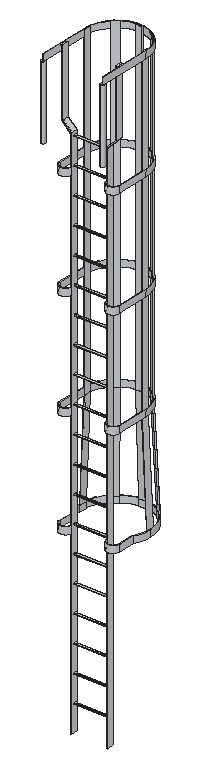
Revit family
Parameters (values of type "Standard")
  Guardrail Height = 900 mm
  Vertical Bar Center 1 = Bottom Hoop Radius - Hoop Width / 2  # 386 mm
  Vertical Bar Center = Hoop Radius - Hoop Width / 2  # 336 mm
  Vertical Bar Thickness = Hoop Width  # 8 mm
  Vertical Bar Width = 75 mm
  Rung Length [instance] = 400 mm
  Number of Cages [instance] = (Height + Guardrail Height - Bottom Hoop Height - 2 * Hoop Space) / Hoop Space + 1  # 3
  Hoop Width = 8 mm
  Hoop Thickness = 75 mm
  Hoop Radius = 340 mm
  Rung Radius = 10 mm
  Number of Rungs [instance] = Height / Rung Space  # 20
  Side Rail Width = 75 mm
  Side Rail Thickness = 10 mm
  Hook Radius [instance] = (Hoop Radius - 0.5 * Rung Length + 0.5 * Hoop Width - Hoop Width) / 2  # 68 mm
  Height [instance] = 6100 mm
  Rung Space [instance] = 305 mm
  Hoop Space [instance] = 1210 mm
  Distance [instance] = 180 mm
  Center Distance = 380 mm
  Bottom Hoop Radius = 390 mm
  Bottom Hoop Height = 2130 mm
Reference planes
  plane 1: y = 0
  plane 2 "Center (Left/Right)": x = 0
  plane 3 "Wall Edge": y = 88.9
  plane 4: z = 900
  plane 5: y = 268.9
  plane 6: z = -310
  plane 7: z = 31.75
  plane 8: x = 311.6
  plane 9: x = 301.6
  plane 10: x = 200
  plane 11: z = 133.35
  plane 12: y = 306.4
  plane 13: y = 231.4
  plane 14: x = -311.6
  plane 15: x = -200
  plane 16: x = -301.6
  plane 17 "Bottom": z = -6100
  plane 18: z = -305
  plane 19 "Cage Center": y = 611.4
  plane 20: z = 825
  plane 21: z = -385
  plane 22: x = -340
  plane 23: x = 340
  plane 24: z = -3970
  plane 25: z = -4045
  plane 26: z = -2760
  plane 27: z = -2835
  plane 28: z = 0
  plane 29: x = 210
  plane 30: x = -210
Forms (mm)
  Sweep 1, solid
    path origin (0, 0, 0) x (0, 1, 0) y (0, 0, 1)
      loop
        line (-25.4, 0) -> (-25.4, 825)
    profile origin (0, -25.4, 412.5) x (0, -1, 0) y (1, 0, 0)
      loop
        circle (-25.4, -340) r 25.4
  Sweep 2, solid
    path origin (0, 0, 0) x (0, 1, 0) y (0, 0, 1)
      loop
        line (-25.4, 0) -> (-25.4, 825)
    profile origin (0, -25.4, 412.5) x (0, -1, 0) y (1, 0, 0)
      loop
        circle (-25.4, 340) r 25.4
  Sweep 3, solid
    path origin (0, 0, 0) x (1, 0, 0) y (0, 1, 0)
      loop
        line (270.917, 231.4) -> (270.917, 306.4)
    profile origin (270.917, 268.9, 0) x (-1, 0, 0) y (0, 0, 1)
      loop
        line (-69.083, 900) -> (-69.083, 890) -> (-40.683, 890) -> (-40.683, 133.35) -> (60.917, 31.75) -> (60.917, -6100) -> (70.917, -6100) -> (70.917, 35.892) -> (-30.683, 137.492) -> (-30.683, 900) -> (-69.083, 900)
  Sweep 4, solid
    path origin (0, 0, 0) x (1, 0, 0) y (0, 1, 0)
      loop
        line (-514.625, 231.4) -> (-514.625, 306.4)
    profile origin (-514.625, 268.9, 0) x (-1, 0, 0) y (0, 0, 1)
      loop
        line (-203.025, 133.35) -> (-203.025, 890) -> (-174.625, 890) -> (-174.625, 900) -> (-213.025, 900) -> (-213.025, 137.492) -> (-314.625, 35.892) -> (-314.625, -6100) -> (-304.625, -6100) -> (-304.625, 31.75) -> (-203.025, 133.35)
  Sweep 5, solid
    path origin (0, 0, 0) x (1, 0, 0) y (0, 1, 0)
      loop
        line (-340, 0) -> (-340, 611.4)
        arc (-340, 611.4) -> (0, 951.4) -> (340, 611.4) r 340
        line (340, 611.4) -> (340, 0)
    profile origin (0, 951.4, 0) x (0, 1, 0) y (0, 0, 1)
      loop
        line (4.031, 900) -> (-3.969, 900) -> (-3.969, 825) -> (4.031, 825) -> (4.031, 900)
  Sweep 6, solid
    path origin (0, 0, 0) x (1, 0, 0) y (0, 1, 0)
      loop
        arc (204, 231.4) -> (272, 163.4) -> (340, 231.4) r 68
        line (340, 231.4) -> (340, 420.35)
        arc (340, 420.35) -> (377.293, 512.658) -> (390, 611.4) r 390
        arc (390, 611.4) -> (0, 1001.4) -> (-390, 611.4) r 390
        arc (-390, 611.4) -> (-377.293, 512.658) -> (-340, 420.35) r 390
        line (-340, 420.35) -> (-340, 231.4)
        arc (-340, 231.4) -> (-272, 163.4) -> (-204, 231.4) r 68
    profile origin (0, 1001.4, 0) x (0, -1, 0) y (0, 0, 1)
      loop
        line (-4.031, -3970) -> (-4.031, -4045) -> (3.969, -4045) -> (3.969, -3970) -> (-4.031, -3970)
  Sweep 7, solid
    path origin (0, 611.4, 1656.358) x (0, 0, 1) y (-1, 0, 0)
      loop
        line (-756.358, -336) -> (-4491.358, -336) -> (-5626.358, -386) -> (-5701.358, -386)
    profile origin (336, 611.4, -967.5) x (0, -1, 0) y (1, 0, 0)
      loop
        line (-37.5, -9.969) -> (37.5, -9.969) -> (37.5, 0.031) -> (-37.5, 0.031) -> (-37.5, -9.969)
  Sweep 8, solid
    path origin (0, 611.4, 1656.358) x (0, 0, 1) y (-1, 0, 0)
      loop
        line (-756.358, 336) -> (-4491.358, 336) -> (-5626.358, 386) -> (-5701.358, 386)
    profile origin (-336, 611.4, -967.5) x (0, -1, 0) y (1, 0, 0)
      loop
        line (-37.5, 0) -> (37.5, 0) -> (37.5, 8) -> (-37.5, 8) -> (-37.5, 0)
  Sweep 9, solid
    path origin (0, 0, 0) x (0, 1, 0) y (0, 0, 1)
      loop
        line (947.4, 900) -> (947.4, -2835) -> (997.4, -3970) -> (997.4, -4045)
    profile origin (0, 947.4, -967.5) x (1, 0, 0) y (0, 1, 0)
      loop
        line (-37.5, 0) -> (-37.5, -8) -> (37.5, -8) -> (37.5, 0) -> (-37.5, 0)
  Sweep 10, solid
    path origin (0, 611.4, 0) x (-0.642853, 0.76599, 0) y (0, 0, 1)
      loop
        line (336, 900) -> (336, -2835) -> (386, -3970) -> (386, -4045)
    profile origin (-215.998, 868.773, -967.5) x (0.76599, 0.642853, 0) y (-0.642853, 0.76599, 0)
      loop
        line (37.5, 0) -> (-37.5, 0) -> (-37.5, -8) -> (37.5, -8) -> (37.5, 0)
  Sweep 11, solid
    path origin (0, 611.4, 0) x (0.642788, 0.766044, 0) y (0, 0, 1)
      loop
        line (336, 900) -> (336, -2835) -> (386, -3970) -> (386, -4045)
    profile origin (215.977, 868.791, -967.5) x (0.766044, -0.642788, 0) y (0.642788, 0.766044, 0)
      loop
        line (-37.5, -8) -> (37.5, -8) -> (37.5, 0) -> (-37.5, 0) -> (-37.5, -8)
Cuts and joins
  joined: Sweep 1, Sweep 2, Sweep 3, Sweep 4, Sweep 5
Lines and regions (mm)
  reference lines
    curve 1: line (0, 611.4, 0) -> (289.801, 956.771, 0)
    curve 2: line (0, 611.4, 0) -> (-289.83, 956.747, 0)
    curve 3: line (210, 611.4, 31.75) -> (311.6, 611.4, 133.35)
    curve 4: line (-210, 611.4, 31.75) -> (-311.6, 611.4, 133.35)
Text (mm)
  text "Placement Side" at (0, 1019.848, 3124.603), in view "Right"
  text "Placement Side" at (-1856.22, 1040.952, 0), in view "Ref. Level"
  text "Placement Side" at (0, 2618.14, 1979.445), in view "Left"
Dimensions and locks
  locked: plane 3 "Wall Edge" to host wall
  "Side Rail Thickness": plane 9 to plane 8
  locked: level to plane 7 at 31.75
  locked: plane 10 to plane 9 at 101.6
  locked: plane 7 to plane 11 at 101.6
  locked: plane 16 to plane 15 at 101.6
  "Side Rail Thickness": plane 14 to plane 16
  "Rung Space": plane 18 to level
  equal spacing: group 20, group 19, group 18, group 17, group 16, group 15, group 14, group 13, group 12, group 11, group 10, group 9, group 8, group 7, group 6, group 5, group 4, group 3, group 2, group 1  (x2)
  equal spacing: group 1, group 2, group 3, group 4, group 5, group 6, group 7, group 8, group 9, group 10, group 11, group 12, group 13, group 14, group 15, group 16, group 17, group 18, group 19, group 20
  "Hoop Space": plane 6 to plane 4
  "Hoop Radius": plane 22 to plane 2 "Center (Left/Right)"
  "Hoop Radius": plane 2 "Center (Left/Right)" to plane 23
  "Bottom Hoop Height": plane 17 "Bottom" to plane 24
  "Hoop Space": plane 24 to plane 26
  "Hoop Thickness": plane 27 to plane 26
  Sweep 5 sketch curve to Sweep 5 sketch curve = 8 mm
  "Hoop Width": Sweep 5 sketch curve to Sweep 5 sketch curve
  Sweep 6 sketch curve to Sweep 6 sketch curve = 8 mm
  "Hoop Width": Sweep 6 sketch curve to Sweep 6 sketch curve
  equal spacing: plane 15, plane 2 "Center (Left/Right)", plane 10
  "Rung Length": plane 15 to plane 10
  "Vertical Bar Center": Sweep 7 sketch curve to plane 2 "Center (Left/Right)"
  "Vertical Bar Center 1": Sweep 7 sketch curve to plane 2 "Center (Left/Right)"
  equal spacing: Sweep 7 sketch curve, plane 19 "Cage Center", Sweep 7 sketch curve
  "Vertical Bar Width": Sweep 7 sketch curve to Sweep 7 sketch curve
  "Side Rail Thickness": Sweep 7 sketch curve to Sweep 7 sketch curve
  "Vertical Bar Center": plane 2 "Center (Left/Right)" to Sweep 8 sketch curve
  "Vertical Bar Center 1": plane 2 "Center (Left/Right)" to Sweep 8 sketch curve
  equal spacing: Sweep 8 sketch curve, nested 9, Sweep 8 sketch curve
  "Vertical Bar Width": Sweep 8 sketch curve to Sweep 8 sketch curve
  "Vertical Bar Thickness": Sweep 8 sketch curve to Sweep 8 sketch curve
  "Vertical Bar Center 1": Sweep 9 sketch curve to plane 19 "Cage Center"
  "Vertical Bar Center": Sweep 9 sketch curve to plane 19 "Cage Center"
  equal spacing: Sweep 9 sketch curve, plane 2 "Center (Left/Right)", Sweep 9 sketch curve
  "Vertical Bar Width": Sweep 9 sketch curve to Sweep 9 sketch curve
  "Vertical Bar Thickness": Sweep 9 sketch curve to Sweep 9 sketch curve
  "Vertical Bar Center": Sweep 10 sketch curve to curve 2
  "Vertical Bar Center 1": Sweep 10 sketch curve to curve 2
  equal spacing: Sweep 10 sketch curve, curve 2, Sweep 10 sketch curve
  "Vertical Bar Width": Sweep 10 sketch curve to Sweep 10 sketch curve
  "Vertical Bar Thickness": Sweep 10 sketch curve to Sweep 10 sketch curve
  "Vertical Bar Center": curve 2 to Sweep 11 sketch curve
  "Vertical Bar Center 1": curve 2 to Sweep 11 sketch curve
  equal spacing: Sweep 11 sketch curve, curve 1, Sweep 11 sketch curve
  "Vertical Bar Width": Sweep 11 sketch curve to Sweep 11 sketch curve
  "Vertical Bar Thickness": Sweep 11 sketch curve to Sweep 11 sketch curve
  "Side Rail Width": plane 12 to plane 13
  equal spacing: plane 12, plane 5, plane 13
  "Center Distance": plane 19 "Cage Center" to plane 13
  "Hoop Thickness": plane 20 to plane 4
  "Side Rail Thickness": Sweep 3 sketch curve to Sweep 3 sketch curve  (x2)
  "Side Rail Thickness": Sweep 4 sketch curve to Sweep 4 sketch curve  (x2)
  "Hoop Thickness": plane 21 to plane 6
  "Distance": plane 3 "Wall Edge" to plane 5
  "Hoop Thickness": plane 25 to plane 24
  "Height": plane 17 "Bottom" to plane 28
  "Guardrail Height": level to plane 4
  equal spacing: group 21, group 23, group 22  (x2)
  equal spacing: group 22, group 23, group 21
  cut or joined group of Sweep 1, Sweep 2, Sweep 3, Sweep 4, Sweep 5 to cut or joined group of Sweep 1, Sweep 2, Sweep 3, Sweep 4, Sweep 5 = 10 mm
  "Side Rail Thickness": plane 10 to plane 29
  "Side Rail Thickness": plane 15 to plane 30
  radius of Sweep 1 sketch curve = 25.4 mm
  radius of Sweep 2 sketch curve = 25.4 mm
  "Hoop Radius": radius of Sweep 5 sketch curve
  "Bottom Hoop Radius": radius of Sweep 6 sketch curve
  "Hook Radius": radius of Sweep 6 sketch curve  (x2)
  locked: curve 1 to plane 2 "Center (Left/Right)" (angle 40.00°)
  locked: plane 2 "Center (Left/Right)" to curve 2 (angle 40.0049°)
  aligned and locked: level to Sweep 1 sketch curve
  aligned and locked: level to Sweep 2 sketch curve
  aligned and locked: plane 12 to Sweep 3 sketch curve
  aligned and locked: plane 13 to Sweep 3 sketch curve
  aligned and locked: plane 12 to Sweep 4 sketch curve
  aligned and locked: plane 13 to Sweep 4 sketch curve
  aligned and locked: plane 4 to Sweep 4 sketch curve
  aligned and locked: Sweep 4 sketch curve to plane 16
  aligned and locked: plane 14 to Sweep 4 sketch curve
  aligned and locked: Sweep 3 sketch curve to plane 4
  aligned and locked: plane 8 to Sweep 3 sketch curve
  aligned and locked: Sweep 3 sketch curve to plane 9
  aligned and locked: plane 11 to Sweep 3 sketch curve
  aligned and locked: nested 1 to plane 10
  aligned and locked: plane 5 to nested 1
  aligned and locked: level to nested 1
  aligned and locked: plane 5 to nested 2
  aligned and locked: plane 18 to nested 2
  aligned and locked: Sweep 5 sketch curve to plane 4
  aligned and locked: plane 20 to Sweep 5 sketch curve
  aligned and locked: plane 20 to Sweep 1 sketch curve
  aligned and locked: plane 20 to Sweep 2 sketch curve
  aligned and locked: plane 19 "Cage Center" to Sweep 5 sketch curve  (x3)
  aligned and locked: plane 2 "Center (Left/Right)" to Sweep 6 sketch curve  (x3)
  aligned and locked: plane 19 "Cage Center" to Sweep 6 sketch curve  (x5)
  aligned and locked: plane 22 to Sweep 6 sketch curve
  aligned and locked: plane 13 to Sweep 6 sketch curve  (x4)
  aligned and locked: Sweep 6 sketch curve to plane 23
  aligned and locked: Sweep 6 sketch curve to plane 24
  aligned and locked: plane 25 to Sweep 6 sketch curve
  aligned and locked: plane 6 to nested 9
  aligned and locked: plane 2 "Center (Left/Right)" to nested 9
  aligned and locked: plane 1 to Sweep 2 sketch curve
  aligned and locked: plane 1 to Sweep 1 sketch curve
  aligned and locked: plane 13 to nested 9  (x3)
  aligned and locked: nested 9 to plane 13  (x3)
  aligned and locked: Sweep 5 sketch curve to plane 23
  aligned and locked: Sweep 4 sketch curve to plane 15
  aligned and locked: Sweep 4 sketch curve to plane 17 "Bottom"
  aligned and locked: plane 17 "Bottom" to Sweep 3 sketch curve
  aligned and locked: Sweep 3 sketch curve to plane 17 "Bottom"
  aligned and locked: plane 22 to Sweep 1 sketch curve
  aligned and locked: plane 23 to Sweep 2 sketch curve
  aligned and locked: plane 27 to Sweep 7 sketch curve
  aligned and locked: plane 24 to Sweep 7 sketch curve
  aligned and locked: plane 25 to Sweep 7 sketch curve
  aligned and locked: plane 4 to Sweep 7 sketch curve
  aligned and locked: Sweep 7 sketch curve to Sweep 5
  aligned and locked: plane 24 to Sweep 8 sketch curve
  aligned and locked: plane 25 to Sweep 8 sketch curve
  aligned and locked: plane 4 to Sweep 8 sketch curve
  aligned and locked: plane 27 to Sweep 8 sketch curve
  aligned and locked: Sweep 8 sketch curve to profile plane
  aligned and locked: plane 27 to Sweep 9 sketch curve
  aligned and locked: plane 4 to Sweep 9 sketch curve
  aligned and locked: plane 24 to Sweep 9 sketch curve
  aligned and locked: plane 25 to Sweep 9 sketch curve
  aligned and locked: profile plane to Sweep 9 sketch curve
  aligned and locked: plane 4 to Sweep 10 sketch curve
  aligned and locked: plane 27 to Sweep 10 sketch curve
  aligned and locked: plane 25 to Sweep 10 sketch curve
  aligned and locked: plane 24 to Sweep 10 sketch curve
  aligned and locked: profile plane to Sweep 10 sketch curve
  aligned and locked: plane 25 to Sweep 11 sketch curve
  aligned and locked: plane 24 to Sweep 11 sketch curve
  aligned and locked: plane 27 to Sweep 11 sketch curve
  aligned and locked: plane 4 to Sweep 11 sketch curve
  aligned and locked: profile plane to Sweep 11 sketch curve
  aligned and locked: plane 19 "Cage Center" to curve 1
  aligned and locked: plane 2 "Center (Left/Right)" to curve 1
  aligned and locked: Sweep 3 sketch curve to plane 23
  aligned and locked: plane 22 to Sweep 4 sketch curve
  aligned and locked: level to plane 28
  aligned and locked: plane 26 to nested 22
  aligned and locked: plane 27 to nested 22
  aligned and locked: plane 2 "Center (Left/Right)" to nested 22
  aligned and locked: plane 13 to nested 22
  aligned and locked: nested 22 to plane 13
  aligned and locked: plane 19 "Cage Center" to nested 22
  aligned and locked: plane 8 to curve 3
  aligned and locked: plane 11 to curve 3
  aligned and locked: plane 7 to curve 3
  aligned and locked: plane 29 to curve 3
  aligned and locked: Sweep 3 sketch curve to curve 3
  aligned and locked: plane 29 to Sweep 3 sketch curve
  aligned and locked: Sweep 3 sketch curve to plane 10
  aligned and locked: plane 30 to curve 4
  aligned and locked: plane 7 to curve 4
  aligned and locked: plane 11 to curve 4
  aligned and locked: plane 14 to curve 4
  aligned and locked: Sweep 4 sketch curve to curve 4
  aligned and locked: plane 30 to Sweep 4 sketch curve
Automatic sketch dimensions
  plane 9 to Sweep 3 sketch curve = 30.683 mm
  Sweep 5 sketch curve to plane 1 = 0 mm  (x2)
  Sweep 4 sketch curve to plane 22 = 174.625 mm
  plane 1 to Sweep 1 sketch curve = 25.4 mm
  plane 1 to Sweep 2 sketch curve = 25.4 mm
Nested families
  nested 1: "Rung" at (0, 268.9, 0), type "Rung"
    with Rung Radius 10 mm, Rung Length 400 mm
  nested 2: "Rung" at (0, 268.9, -305), type "Rung"
    with Rung Radius 10 mm, Rung Length 400 mm
  nested 3: "Rung" at (0, 268.9, -610), type "Rung"
    with Rung Radius 10 mm, Rung Length 400 mm
  nested 4: "Rung" at (0, 268.9, -915), type "Rung"
    with Rung Radius 10 mm, Rung Length 400 mm
  nested 5: "Rung" at (0, 268.9, -1220), type "Rung"
    with Rung Radius 10 mm, Rung Length 400 mm
  nested 6: "Rung" at (0, 268.9, -1525), type "Rung"
    with Rung Radius 10 mm, Rung Length 400 mm
  nested 7: "Rung" at (0, 268.9, -1830), type "Rung"
    with Rung Radius 10 mm, Rung Length 400 mm
  nested 8: "Rung" at (0, 268.9, -2135), type "Rung"
    with Rung Radius 10 mm, Rung Length 400 mm
  nested 9: "Hoop" at (0, 611.4, -310), type "Hoop"
    with Hoop Radius 340 mm, Hook Radius 68 mm, Line Distance 380 mm, Hoop Width 8 mm, Hoop Thickness 75 mm
  nested 10: "Rung" at (0, 268.9, -2440), type "Rung"
    with Rung Radius 10 mm, Rung Length 400 mm
  nested 11: "Rung" at (0, 268.9, -2745), type "Rung"
    with Rung Radius 10 mm, Rung Length 400 mm
  nested 12: "Rung" at (0, 268.9, -3050), type "Rung"
    with Rung Radius 10 mm, Rung Length 400 mm
  nested 13: "Rung" at (0, 268.9, -3355), type "Rung"
    with Rung Radius 10 mm, Rung Length 400 mm
  nested 14: "Rung" at (0, 268.9, -3660), type "Rung"
    with Rung Radius 10 mm, Rung Length 400 mm
  nested 15: "Rung" at (0, 268.9, -3965), type "Rung"
    with Rung Radius 10 mm, Rung Length 400 mm
  nested 16: "Rung" at (0, 268.9, -4270), type "Rung"
    with Rung Radius 10 mm, Rung Length 400 mm
  nested 17: "Rung" at (0, 268.9, -4575), type "Rung"
    with Rung Radius 10 mm, Rung Length 400 mm
  nested 18: "Rung" at (0, 268.9, -4880), type "Rung"
    with Rung Radius 10 mm, Rung Length 400 mm
  nested 19: "Rung" at (0, 268.9, -5185), type "Rung"
    with Rung Radius 10 mm, Rung Length 400 mm
  nested 20: "Rung" at (0, 268.9, -5490), type "Rung"
    with Rung Radius 10 mm, Rung Length 400 mm
  nested 21: "Rung" at (0, 268.9, -5795), type "Rung"
    with Rung Radius 10 mm, Rung Length 400 mm
  nested 22: "Hoop" at (0, 611.4, -2760), type "Hoop"
    with Hoop Radius 340 mm, Hook Radius 68 mm, Line Distance 380 mm, Hoop Width 8 mm, Hoop Thickness 75 mm
  nested 23: "Hoop" at (0, 611.4, -1535), type "Hoop"
    with Hoop Radius 340 mm, Hook Radius 68 mm, Line Distance 380 mm, Hoop Width 8 mm, Hoop Thickness 75 mm
Definition of nested family "Rung"
  Parameters (values of type "Rung")
    Rung Radius = 9.525 mm
    Rung Length = 406.4 mm
    Cage Ladder = none
    Assembly Code = ""
  Reference planes
    plane 1 "Center (Front/Back)": y = 0
    plane 2: z = 0
    plane 3 "Center (Left/Right)": x = 0
    plane 4: x = 203.2
    plane 5: x = -203.2
  Forms (mm)
    Extrusion 1, solid, material <- "Cage Ladder"
      sketch origin (0, 0, 0) x (0, 1, 0) y (0, 0, 1)
        loop
          circle (0, 0) r 9.525
      from -203.2 to 203.2
  Dimensions and locks
    equal spacing: plane 5, plane 3 "Center (Left/Right)", plane 4
    "Rung Length": plane 5 to plane 4
    "Rung Radius": radius of Extrusion 1 sketch curve
    aligned and locked: plane 1 "Center (Front/Back)" to Extrusion 1 sketch curve
    aligned and locked: plane 2 to Extrusion 1 sketch curve
    aligned and locked: plane 4 to Extrusion 1
    aligned and locked: Extrusion 1 to plane 5
Definition of nested family "Hoop"
  Parameters (values of type "Hoop")
    Hoop Radius = 342.9 mm
    Hook Radius = 67.866 mm
    Line Distance = 381 mm
    Hoop Width = 7.938 mm
    Hoop Thickness = 76.2 mm
    Assembly Code = ""
  Reference planes
    plane 1 "Center (Front/Back)": y = 0
    plane 2: z = 0
    plane 3 "Center (Left/Right)": x = 0
    plane 4: y = -381
  Forms (mm)
    Sweep 1, solid
      path origin (0, 3.954, 0) x (1, 0, 0) y (0, 1, 0)
        loop
          arc (207.169, -384.954) -> (275.034, -452.819) -> (342.9, -384.954) r 67.866
          line (342.9, -384.954) -> (342.9, -3.954)
          arc (342.9, -3.954) -> (0, 338.946) -> (-342.9, -3.954) r 342.9
          line (-342.9, -3.954) -> (-342.9, -384.954)
          arc (-342.9, -384.954) -> (-275.034, -452.819) -> (-207.169, -384.954) r 67.866
      profile origin (0, 342.9, 0) x (0, -1, 0) y (0, 0, 1)
        loop
          line (-3.969, 0) -> (-3.969, -76.2) -> (3.969, -76.2) -> (3.969, 0) -> (-3.969, 0)
  Dimensions and locks
    "Line Distance": plane 4 to plane 1 "Center (Front/Back)"
    equal spacing: Sweep 1 sketch curve, profile plane, Sweep 1 sketch curve
    "Hoop Width": Sweep 1 sketch curve to Sweep 1 sketch curve
    "Hoop Thickness": Sweep 1 sketch curve to Sweep 1 sketch curve
    "Hoop Radius": radius of Sweep 1 sketch curve
    "Hook Radius": radius of Sweep 1 sketch curve  (x2)
    aligned and locked: Sweep 1 sketch curve to profile plane
    aligned and locked: plane 3 "Center (Left/Right)" to Sweep 1 sketch curve
    aligned and locked: plane 1 "Center (Front/Back)" to Sweep 1 sketch curve
    aligned and locked: plane 4 to Sweep 1 sketch curve  (x4)
